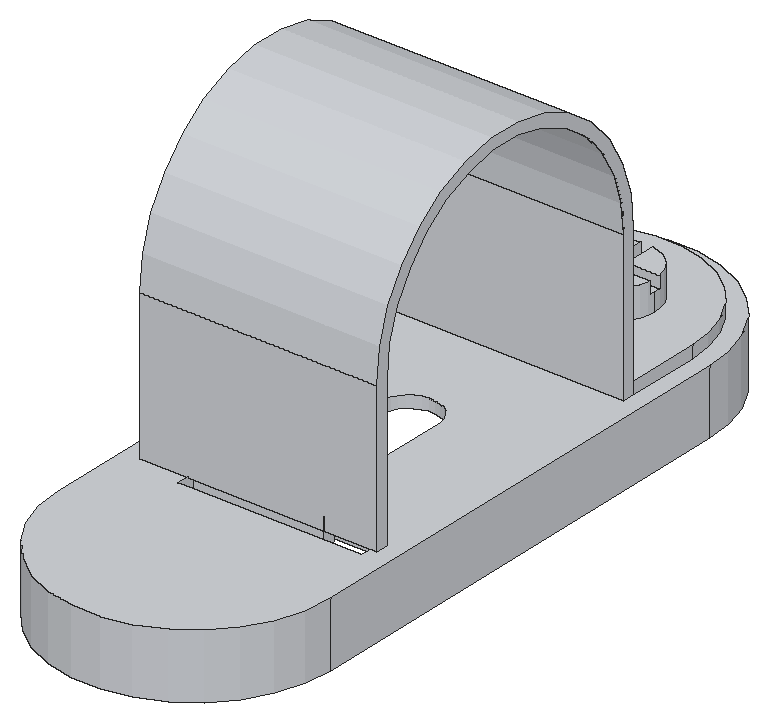
Revit family "RAPID25P", category Generic Models, Revit 2017
Family settings
  Can host rebar = No
  Round Connector Dimension = Use Diameter
  Part Type = Normal
  Work Plane-Based = Yes
  Always vertical = No
  Cut with Voids When Loaded = No
  Shared = No
  Room Calculation Point = No
Parameters (values of type "NBS Standard Parameters")
  Weight = "0.025kg"
  WarrantyStartDate [instance] = "1900-12-31T23:59:59"
  WarrantyGuarantorParts = "12 Months"
  WarrantyGuarantorLabor = "n/a"
  WarrantyDurationUnit = "12 Months"
  WarrantyDurationParts = "n/a"
  WarrantyDurationLabor = "n/a"
  WarrantyDescription = "n/a"
  Version = "1"
  Uniclass2 = "Pr_65_70_11_20"
  URL = "www.metpro.co.uk"
  TagNumber [instance] = "n/a"
  SustainabilityPerformance = "n/a"
  Size = "25mm"
  Shape = "n/a"
  SerialNumber [instance] = "n/a"
  Revision = "n/a"
  ReplacementCost = "n/a"
  ProductInformation = "www.metpro.co.uk/pdf/rapid25p.pdf"
  NominalWidth = 22 mm
  NominalLength = 57 mm
  NominalHeight = 28 mm
  Name = "RAPID25 - RAPID SADDLE"
  NBSTypeID = "n/a"
  NBSReference = "90-55-10/460"
  NBSOfficeMasterTag = "n/a"
  NBSNote = "n/a"
  NBSDescription = "Conduit Fittings"
  NBSCertification = "n/a"
  ModelReference = "Conduit fittings"
  ModelNumber = "RAPID25P"
  Material = "Pressed Steel"
  ManufacturerURL = "www.metpro.co.uk"
  ManufacturerName = "Metpro ltd"
  Manufacturer = "Metpro Limited"
  Keynote = ""
  InstallationDate [instance] = "1900-12-31T23:59:59"
  IfcExportType = ""
  IfcExportAs = ""
  Grade = "n/a"
  Finish = "BZP"
  Features = "n/a"
  ExpectedLife = "n/a"
  DurationUnit = "1 Year"
  Description = "RAPID25P - 25mm Rapid Saddle"
  Default Elevation = 1219.2 mm
  Constituents = "n/a"
  Color = "n/a"
  CodePerformance = "Grey"
  Category = "n/a"
  BarCode [instance] = "n/a"
  BIMObjectName = "Metpro_Metprolibrary_Conduitfittings_Metalcomponent_Steelaccessories"
  Author = "Metpro"
  AssetType = "Fixed"
  AssetIdentifier [instance] = "n/a"
  AccessibilityPerformance = "n/a"
Reference planes
  plane 1 "Center (Front/Back)": y = 0
  plane 2: z = -49.367
  plane 3 "Center (Left/Right)": x = 0
Forms (mm)
  Extrusion 1, solid
    sketch origin (0, 0, -49.367) x (1, 0, 0) y (0, 1, 0)
      loop
        line (8.178, 89.632) -> (8.178, 129.632)
        arc (8.178, 129.632) -> (-3.322, 141.132) -> (-14.822, 129.632) r 11.5
        line (-14.822, 129.632) -> (-14.822, 89.632)
        arc (-14.822, 89.632) -> (-3.322, 78.132) -> (8.178, 89.632) r 11.5
    from 0 to 5.5
  Extrusion 2, void
    sketch origin (0, 0, -49.367) x (1, 0, 0) y (0, 1, 0)
      loop
        line (-13.822, 129.632) -> (-13.822, 89.632)
        arc (-13.822, 89.632) -> (-3.322, 79.132) -> (7.178, 89.632) r 10.5
        line (7.178, 89.632) -> (7.178, 129.632)
        arc (7.178, 129.632) -> (-3.322, 140.132) -> (-13.822, 129.632) r 10.5
    from 0 to 4.5
  Extrusion 3, void
    sketch origin (0, 0, -43.867) x (0, 1, 0) y (1, 0, 0)
      loop
        line (107.132, -5.822) -> (112.132, -5.822)
        arc (112.132, -5.822) -> (114.632, -3.322) -> (112.132, -0.822) r 2.5
        line (112.132, -0.822) -> (107.132, -0.822)
        arc (107.132, -0.822) -> (104.632, -3.322) -> (107.132, -5.822) r 2.5
      loop
        circle (131.632, -1.322) r 2
      loop
        line (97.382, 6.178) -> (95.382, 6.178) -> (95.382, -9.322) -> (97.382, -9.322) -> (97.382, 6.178)
    from 0 to 6
  Extrusion 4, solid
    sketch origin (6.678, 89.632, -49.367) x (0, -1, 0) y (0, 0, 1)
      loop
        line (-7.75, 5.5) -> (-6.75, 5.5) -> (-6.75, 18.047)
        arc (-6.75, 18.047) -> (-20.25, 31.547) -> (-33.75, 18.047) r 13.5
        line (-33.75, 18.047) -> (-33.75, 5.5) -> (-32.75, 5.5) -> (-32.75, 18.047)
        arc (-32.75, 18.047) -> (-20.25, 30.547) -> (-7.75, 18.047) r 12.5
        line (-7.75, 18.047) -> (-7.75, 5.5)
    from 0 to 20
  Sweep 5, solid
    path origin (2.178, 89.632, -49.367) x (0, 1, 0) y (0, 0, 1)
      loop
        line (7.278, 6.513) -> (7.278, 4.622)
        arc (7.278, 4.622) -> (6.993, 3.935) -> (6.306, 3.651) r 0.972
        line (6.306, 3.651) -> (4.019, 3.651)
        arc (4.019, 3.651) -> (3.155, 3.127) -> (3.221, 2.119) r 0.974
        line (3.221, 2.119) -> (4.368, 0.48)
    profile origin (2.178, 96.91, -43.799) x (1, 0, 0) y (0, 1, 0)
      loop
        line (0, -0.5) -> (0, 0.5) -> (-11, 0.5) -> (-11, -0.5) -> (0, -0.5)
  Extrusion 6, solid
    sketch origin (0, 0, -43.867) x (1, 0, 0) y (0, 1, 0)
      loop
        line (-13.322, 123.382) -> (6.678, 123.382) -> (6.678, 129.632)
        arc (6.678, 129.632) -> (-3.322, 139.632) -> (-13.322, 129.632) r 10
        line (-13.322, 129.632) -> (-13.322, 123.382)
    from 0 to 1
  Extrusion 7, void
    sketch origin (0, 0, -42.867) x (0, 1, 0) y (1, 0, 0)
      loop
        circle (131.601, -1.298) r 2.25
    from 0 to 1
  Extrusion 8, void
    sketch origin (0, 0, -42.867) x (0, 1, 0) y (1, 0, 0)
      loop
        circle (131.632, -5.322) r 4.1
    from 0 to 1
  Extrusion 9, solid
    sketch origin (0, 0, -42.867) x (1, 0, 0) y (0, 1, 0)
      loop
        circle (-1.322, 131.632) r 3.25
    from 0 to 2.5
  Extrusion 10, solid
    sketch origin (0, 0, -42.867) x (0, 1, 0) y (1, 0, 0)
      loop
        circle (131.632, -1.322) r 1.82
    from 0 to 4.5
  Extrusion 11, void
    sketch origin (0, 0, -40.367) x (0, 1, 0) y (1, 0, 0)
      loop
        line (131.132, -5.276) -> (132.132, -5.276) -> (132.132, 2.324) -> (131.132, 2.324) -> (131.132, -5.276)
    from 0 to 1
  Extrusion 12, void
    sketch origin (0, 0, -40.367) x (0, 1, 0) y (1, 0, 0)
      loop
        line (127.583, -1.853) -> (135.749, -1.853) -> (135.749, -0.853) -> (127.583, -0.853) -> (127.583, -1.853)
    from 0 to 1
Cuts and joins
  Extrusion 2, Extrusion 3 cuts Extrusion 1
  Extrusion 7, Extrusion 8 cuts Extrusion 6
  Extrusion 11, Extrusion 12 cuts Extrusion 9
Dimensions and locks
  aligned and locked: level to plane 2
